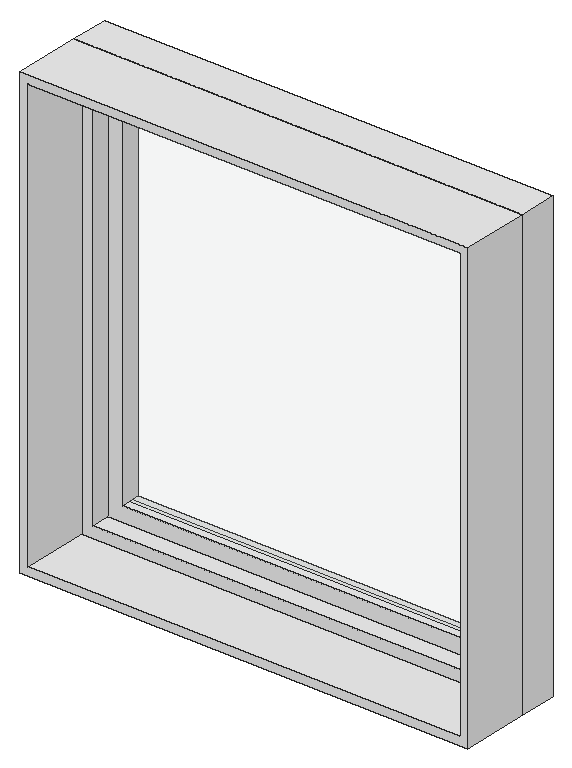
Revit family "Single", category Windows, host Wall, Revit 2015
Parameters (values of type "12x12M")
  WindowBasalOpening = ""
  Window [instance] = Opening : Opening
  Wall Thickness [instance] = 300 mm
  URL = ""
  Total Glass Area = (Rough Height - Frame Width * 2) * (Rough Width - Frame Width * 2)  # 1.1881 m²
  Offset [instance] = 20 mm
  Module Width = Rough Width / 100 mm  # 12
  Module Height = Rough Height / 100 mm  # 12
  Material Jamb = none
  Jamb Width = 20 mm
  Jamb [instance] = yes
  Gap [instance] = 10 mm
  Rough Width = 1190 mm
  Rough Height = 1190 mm
  Model = ""
  Material Glass = none
  Material Frame = none
  Frame Width = 50 mm
  Height [instance] = Rough Height + Gap * 2  # 1210 mm
  Frame Depth = 100 mm
  Default Sill Height = 900 mm
  Wall Closure = By host
  Width [instance] = Rough Width + Gap * 2  # 1210 mm
  Assembly Code = ""
  Analytic Construction = "<None>"
Reference planes
  plane 1 "Center (Front/Back)": y = -20
  plane 2 "Center (Left/Right)": x = -42.398
  plane 3 "Left": x = -647.398
  plane 4 "Right": x = 562.602
  plane 5 "Sill": z = 900
  plane 6 "Head": z = 2110
  plane 7 "Exterior": y = 130
  plane 8 "Interior": y = -170
  plane 9: x = -637.398
  plane 10: x = 552.602
  plane 11: z = 910
  plane 12: z = 2100
  plane 13 "Offset": y = 110
  plane 14 "Offset Jamb": y = 10
  plane 15: x = 502.602
  plane 16: x = -587.398
  plane 17: z = 2050
  plane 18: z = 960
  plane 19: x = -647.398
  plane 20: x = 562.602
  plane 21: z = 900
  plane 22: z = 2110
  plane 23: z = 1505
Forms (mm)
  Extrusion 1, solid, material <- "Material Frame"
    sketch origin (0, 110, 0) x (-1, 0, 0) y (0, 0, 1)
      loop
        line (-552.602, 2100) -> (-552.602, 910) -> (637.398, 910) -> (637.398, 2100) -> (-552.602, 2100)
      loop
        line (-502.602, 960) -> (587.398, 960) -> (587.398, 2050) -> (-502.602, 2050) -> (-502.602, 960)
    from 0 to -100
  Extrusion 2, solid, material <- "Material Jamb", visible <- "Jamb", detail levels medium+fine
    sketch origin (0, 10, 0) x (-1, 0, 0) y (0, 0, 1)
      loop
        line (-552.602, 2100) -> (-552.602, 910) -> (637.398, 910) -> (637.398, 2100) -> (-552.602, 2100)
      loop
        line (617.398, 2080) -> (-532.602, 2080) -> (-532.602, 930) -> (617.398, 930) -> (617.398, 2080)
    from 0 to -180
Lines and regions (mm)
  Opening 1
    outline origin (3500, -170, 0) x (1, 0, 0) y (0, 0, 1)
      loop
        line (-2937.398, 900) -> (-2937.398, 2110) -> (-4147.398, 2110) -> (-4147.398, 900) -> (-2937.398, 900)
  symbolic lines, style "WindowsGlassProjection", detail levels coarse+medium
    curve 1: line (-42.398, 85, 960) -> (-42.398, 85, 2050)
  symbolic lines, style "WindowsGlassProjection", detail levels fine
    curve 2: line (-42.398, 80, 2050) -> (-42.398, 80, 960)
    curve 3: line (-42.398, 90, 960) -> (-42.398, 90, 2050)
Text (mm)
  text "EXTERIOR" at (-1981.535, 863.181, 0), in view "Ref. Level"
  text "INTERIOR" at (-2017.992, -707.606, 0), in view "Ref. Level"
  text "Exterior" at (0, 923.751, 2943.296), in view "Right"
  text "Exterior" at (0, 1019.841, 2788.626), in view "Left"
Dimensions and locks
  equal spacing: plane 3 "Left", plane 2 "Center (Left/Right)", plane 4 "Right"
  "Rough Width": plane 9 to plane 10
  "Rough Height": plane 11 to plane 12
  "Default Sill Height": plane 21 to level
  locked: plane 7 "Exterior" to host wall
  locked: plane 8 "Interior" to host wall
  "Gap": plane 12 to plane 6 "Head"
  "Gap": plane 5 "Sill" to plane 11
  "Gap": plane 10 to plane 4 "Right"
  "Gap": plane 9 to plane 3 "Left"
  "Offset": plane 13 "Offset" to plane 7 "Exterior"
  "Frame Depth": plane 13 "Offset" to plane 14 "Offset Jamb"
  equal spacing: plane 8 "Interior", plane 1 "Center (Front/Back)", plane 7 "Exterior"
  "Frame Width": plane 17 to plane 12
  "Frame Width": plane 16 to plane 9
  "Frame Width": plane 11 to plane 18
  "Frame Width": plane 10 to plane 15
  "Jamb Width": Extrusion 2 sketch curve to Extrusion 2 sketch curve  (x4)
  "Wall Thickness": host wall to host wall
  equal spacing: plane 11, plane 23, plane 12
  aligned and locked: plane 10 to Extrusion 1
  aligned and locked: Extrusion 1 to plane 9
  aligned and locked: plane 12 to Extrusion 1
  aligned and locked: Extrusion 1 to plane 11
  aligned and locked: Extrusion 1 to plane 14 "Offset Jamb"
  aligned and locked: plane 8 "Interior" to Extrusion 2
  aligned and locked: Extrusion 1 sketch curve to plane 15
  aligned and locked: Extrusion 1 sketch curve to plane 17
  aligned and locked: Extrusion 1 sketch curve to plane 16
  aligned and locked: Extrusion 1 sketch curve to plane 18
  aligned and locked: Extrusion 2 sketch curve to plane 9
  aligned and locked: Extrusion 2 sketch curve to plane 12
  aligned and locked: Extrusion 2 sketch curve to plane 10
  aligned and locked: Extrusion 2 sketch curve to plane 11
  aligned and locked: plane 19 to plane 3 "Left"
  aligned and locked: plane 20 to plane 4 "Right"
  aligned and locked: plane 21 to plane 5 "Sill"
  aligned and locked: plane 22 to plane 6 "Head"
  aligned and locked: plane 17 to curve 1
  aligned and locked: plane 18 to curve 1
  aligned and locked: plane 16 to nested 1
  aligned and locked: nested 1 to plane 15
  aligned and locked: nested 1 to plane 17
  aligned and locked: plane 18 to nested 1
Automatic sketch dimensions
  Opening 1 sketch curve to plane 3 "Left" = 0 mm
  Opening 1 sketch curve to plane 4 "Right" = 0 mm
  Opening 1 sketch curve to plane 5 "Sill" = 0 mm
  Opening 1 sketch curve to plane 6 "Head" = 0 mm
  Extrusion 1 sketch curve to plane 10 = 0 mm
  Extrusion 1 sketch curve to plane 9 = 0 mm
  Extrusion 1 sketch curve to plane 11 = 0 mm
  Extrusion 1 sketch curve to plane 12 = 0 mm
  curve 2 to plane 17 = 0 mm
  curve 3 to plane 17 = 0 mm
  plane 18 to curve 2 = 0 mm
  plane 18 to curve 3 = 0 mm
  curve 2 to plane 13 "Offset" = 30 mm
  curve 2 to curve 1 = 5 mm
  curve 1 to curve 3 = 5 mm
Nested families
  nested 1: "Opening" at (-42.398, -20, 160), Offset <- "Offset", Material Glass <- "Material Glass", Material Frame <- "Material Frame", type <- "Window", type "Opening"
    with Width 1090 mm, Offset 20 mm, Material Glass none, Material Frame none, Height 1090 mm
Definition of nested family "Opening"
  Parameters
    Offset [instance] = 20 mm
    Material Glass [instance] = none
    Material Frame [instance] = none
    Height [instance] = 1500 mm
    Default Sill Height = 800 mm
    Wall Closure = (empty or 0)
    Width [instance] = 1000 mm
  Reference planes
    plane 1 "Center (Front/Back)": y = 0
    plane 2 "Center (Left/Right)": x = 0
    plane 3 "Left": x = -500
    plane 4 "Right": x = 500
    plane 5 "Sill": z = 800
    plane 6 "Head": z = 2300
    plane 7 "Exterior": y = 100
    plane 8 "Interior": y = -100
    plane 9 "Offset": y = 80
    plane 10: z = 1550
  Forms (mm)
    Extrusion 1, solid, material <- "Material Frame"
      sketch origin (0, 80, 0) x (-1, 0, 0) y (0, 0, 1)
        loop
          line (-500, 2300) -> (-500, 800) -> (500, 800) -> (500, 2300) -> (-500, 2300)
        loop
          line (-460, 2260) -> (-460, 840) -> (460, 840) -> (460, 2260) -> (-460, 2260)
      from 0 to -50
    Extrusion 2, solid, material <- "Material Glass"
      sketch origin (0, 80, 0) x (-1, 0, 0) y (0, 0, 1)
        loop
          line (-460, 2260) -> (-460, 840) -> (460, 840) -> (460, 2260) -> (-460, 2260)
      from -20 to -30
  Lines and regions (mm)
    symbolic lines
      curve 1: line (500, 100, 2300) -> (-500, 100, 1550)
      curve 2: line (-500, 100, 1550) -> (500, 100, 800)
    symbolic lines, detail levels fine
      curve 3: line (-460, 50, 0) -> (460, 50, 0)
      curve 4: line (460, 60, 0) -> (-460, 60, 0)
      curve 6: line (500, 50, 840) -> (500, 50, 2260)
      curve 7: line (500, 60, 2260) -> (500, 60, 840)
    symbolic lines, detail levels coarse+medium
      curve 5: line (-460, 55, 0) -> (460, 55, 0)
      curve 8: line (500, 55, 2260) -> (500, 55, 840)
  Text (mm)
    text "EXTERIOR" at (-1963.203, 1332.353, 0), in view "Ref. Level"
    text "INTERIOR" at (-1981.466, -818.386, 0), in view "Ref. Level"
    text "Exterior" at (0, 923.751, 2943.296), in view "Right"
    text "Exterior" at (0, 1040.484, 2685.409), in view "Left"
  Dimensions and locks
    equal spacing: plane 3 "Left", plane 2 "Center (Left/Right)", plane 4 "Right"
    "Width": plane 3 "Left" to plane 4 "Right"
    "Height": plane 5 "Sill" to plane 6 "Head"
    "Default Sill Height": plane 5 "Sill" to level
    locked: plane 7 "Exterior" to host wall at 0
    locked: plane 8 "Interior" to host wall
    "Offset": plane 9 "Offset" to plane 7 "Exterior"
    equal spacing: plane 5 "Sill", plane 10, plane 6 "Head"
    equal spacing: Extrusion 2, curve 5, Extrusion 2
    equal spacing: Extrusion 2, curve 8, Extrusion 2
    aligned and locked: Extrusion 2 sketch curve to Extrusion 1  (x4)
    aligned and locked: curve 3 to Extrusion 2
    aligned and locked: curve 4 to Extrusion 2
    aligned and locked: curve 6 to Extrusion 2
    aligned and locked: curve 7 to Extrusion 2
  Automatic sketch dimensions
    plane 4 "Right" to Extrusion 1 sketch curve = 0 mm
    plane 3 "Left" to Extrusion 1 sketch curve = 0 mm
    Extrusion 1 sketch curve to plane 5 "Sill" = 0 mm
    Extrusion 1 sketch curve to plane 6 "Head" = 0 mm
    plane 4 "Right" to Extrusion 1 sketch curve = 40 mm
    Extrusion 1 sketch curve to plane 3 "Left" = 40 mm
    Extrusion 1 sketch curve to plane 5 "Sill" = 40 mm
    plane 6 "Head" to Extrusion 1 sketch curve = 40 mm
    plane 3 "Left" to curve 2 = 0 mm
    plane 4 "Right" to curve 2 = 0 mm
    plane 4 "Right" to curve 1 = 0 mm
    curve 2 to plane 5 "Sill" = 0 mm
    curve 2 to plane 10 = 0 mm
    curve 1 to plane 6 "Head" = 0 mm
    curve 5 to plane 3 "Left" = 40 mm
    curve 4 to curve 5 = 0 mm
    curve 3 to curve 5 = 0 mm  (x2)
    plane 4 "Right" to curve 4 = 40 mm
    curve 5 to curve 4 = 0 mm
    curve 8 to plane 5 "Sill" = 40 mm
    curve 7 to curve 8 = 0 mm  (x2)
    curve 8 to curve 6 = 0 mm  (x2)
    plane 6 "Head" to curve 8 = 40 mm
